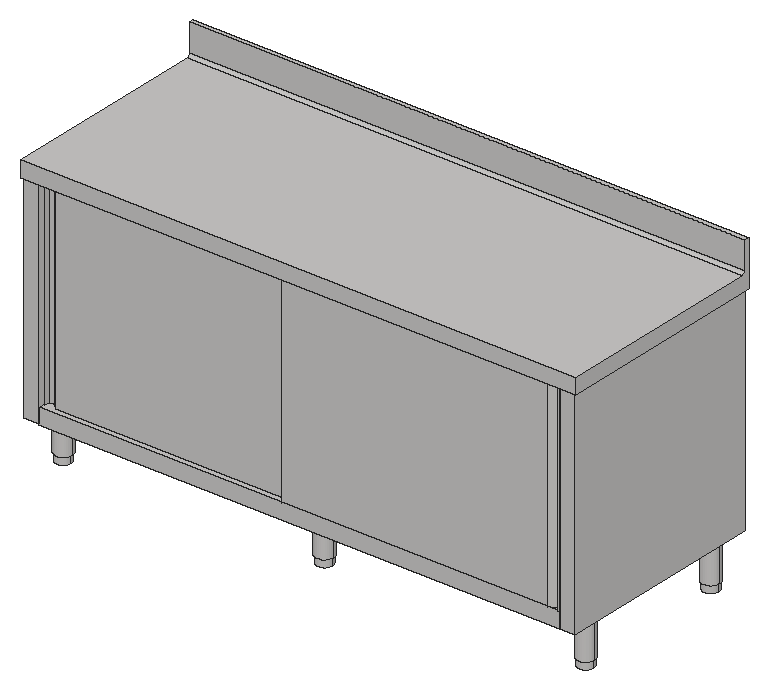
Revit family "QF_ZANUSSI_132866_MS1817N", category Attrezzature speciali, Revit 2020
Family settings
  Quota connettore circolare = Usa diametro
  Tipo di parte = Normale
  Basato su piano di lavoro = No
  Sempre verticale = Sì
  Taglio con vuoti quando caricato = No
  Condiviso = No
  Punto di calcolo locali = No
Parameters (values of type "Standard")
  Weight = 70.00 kg
  Watts = 0 W
  Volts = 0 V
  URL Manufacturer = "http://www.zanussiprofessional.com"
  URL = "http://www.zanussiprofessional.com"
  Steam Supply Size = 0 mm
  Steam Supply Minimum Pressure = 0.0 Pa
  Steam Supply Maximum Pressure = 0.0 Pa
  Steam Consumption per Hour = 0
  Refrigeration Suction Line Size = 0.0 mm
  Refrigeration Liquid Line Size = 0.0 mm
  Refrigerant Compressor Remote = yes
  Prospetto di default = 0.0 mm
  Produttore = "Zanussi"
  Phase = 0
  Modello = "MS1817N"
  Length Actual = 1800.0 mm  # constant formula
  Item Number = "132866"
  Hot Water Size = 0 mm
  Height Actual = 1000.0 mm  # constant formula
  HP = "0 HP"
  Gas Size = 0 mm
  Gas KW = 0
  Gas Input Pressure = 0 W
  Direct Waste Size = 0 mm
  Descrizione = "WORKTOP CUPBOARD WITH UPSTAND 1800MM"
  Depth Actual = 700.0 mm  # constant formula
  Cycle = 0 Hz
  Condensate Return Size = 0 mm
  Compressed Air Volume = 0.0 L/s
  Compressed Air Size = 0 mm
  Compressed Air Pressure = 0.0 Pa
  Cold Water Size = 0 mm
  Accessory = yes
Reference planes
  plane 1 "Center (Front/Back)": y = 0
  plane 2: z = 0
  plane 3 "Center (Left/Right)": x = -400
  plane 4 "LEFT": x = -1300
  plane 5 "RIGHT": x = 500
  plane 6 "BACK": y = 350
  plane 7 "FRONT": y = -350
  plane 8 "Base": z = 850
  plane 9 "TOP": z = 900
  plane 10: x = -1246.9
  plane 11: x = 446.9
  plane 12: y = 264.5
  plane 13: y = -241.9
  plane 14 "BodyLeft": x = -1294.5
  plane 15 "BodyFront": y = -344.5
  plane 16 "BodyRight": x = 494.5
  plane 17 "BodyBack": y = 344.5
  plane 18 "FEET": z = 150
  plane 19: x = -344.5
  plane 20: x = -455.5
Forms (mm)
  Extrusion 1, solid, material "QF_Finishes_Stainless Steel"
    sketch origin (-400, 0, 0) x (0, 1, 0) y (0, 0, 1)
      loop
        line (-350, 850) -> (350, 850) -> (350, 1000) -> (337, 1000) -> (337, 910)
        arc (337, 910) -> (334.071, 902.929) -> (327, 900) r 10
        line (327, 900) -> (-350, 900) -> (-350, 850)
    from 900 to -900
  Extrusion 2, solid, material "QF_Finishes_Stainless Steel"
    sketch origin (0, 0, 150) x (-1, 0, 0) y (0, -1, 0)
      loop
        line (1294.5, -344.5) -> (1294.5, 344.5) -> (1244.5, 344.5) -> (1244.5, -344.5) -> (1294.5, -344.5)
      loop
        line (-444.5, -344.5) -> (-444.5, 344.5) -> (-494.5, 344.5) -> (-494.5, -344.5) -> (-444.5, -344.5)
    from 0 to 700
  Extrusion 3, solid, material "QF_Finishes_Stainless Steel"
    sketch origin (0, 0, 150) x (-1, 0, 0) y (0, -1, 0)
      loop
        line (1243.585, -344.5) -> (1243.585, 344.5) -> (-444.5, 344.5) -> (-444.5, -344.5) -> (1243.585, -344.5)
    from 0 to 50
  Extrusion 4, solid, material "QF_Finishes_Stainless Steel"
    sketch origin (0, 0, 150) x (-1, 0, 0) y (0, -1, 0)
      loop
        line (1243.585, -344.5) -> (1243.585, -294.5) -> (-444.5, -294.5) -> (-444.5, -344.5) -> (1243.585, -344.5)
    from 50 to 700
  Extrusion 5, solid, material "QF_Finishes_Stainless Steel"
    sketch origin (0, 0, 150) x (-1, 0, 0) y (0, -1, 0)
      loop
        line (-444.5, 344.5) -> (-444.5, 324.5) -> (455.5, 324.5) -> (455.5, 344.5) -> (-404.5, 344.5) -> (-424.5, 329.5) -> (-439.5, 329.5) -> (-439.5, 344.5) -> (-444.5, 344.5)
    from 50 to 700
  Extrusion 6, solid, material "QF_Finishes_Stainless Steel"
    sketch origin (0, 20, 150) x (1, 0, 0) y (0, 1, 0)
      loop
        line (-1244.5, -344.5) -> (-1239.5, -344.5) -> (-1239.5, -329.5) -> (-1224.5, -329.5) -> (-1204.5, -344.5) -> (-344.5, -344.5) -> (-344.5, -324.5) -> (-1244.5, -324.5) -> (-1244.5, -344.5)
    from 50 to 700
Lines and regions (mm)
  symbolic lines
    curve 1: line (500, 350, 900) -> (-1300, 350, 900)
    curve 2: line (-1300, 350, 900) -> (-1300, -350, 900)
    curve 3: line (-1300, -350, 900) -> (500, -350, 900)
    curve 4: line (500, -350, 900) -> (500, 350, 900)
    curve 5: line (-1300, 337, 900) -> (500, 337, 900)
  symbolic lines, style "SpecialityEquipmentHiddenLines"
    curve 6: line (-1294.5, -344.5, 150) -> (-1294.5, 344.5, 150)
    curve 7: line (-1294.5, 344.5, 150) -> (494.5, 344.5, 150)
    curve 8: line (494.5, 344.5, 150) -> (494.5, -344.5, 150)
    curve 9: line (494.5, -344.5, 150) -> (-1294.5, -344.5, 150)
    curve 10: line (-1244.5, -304.5, 150) -> (-344.5, -304.5, 150)
    curve 11: line (-344.5, -304.5, 150) -> (-344.5, -324.5, 150)
    curve 12: line (444.5, -324.5, 150) -> (-1244.5, -324.5, 150)
    curve 13: line (-1244.5, -324.5, 150) -> (-1244.5, -304.5, 150)
    curve 14: line (-455.5, -344.5, 150) -> (-455.5, -324.5, 150)
Dimensions and locks
  plane 4 "LEFT" to plane 5 "RIGHT" = 1800.0 mm
  equal spacing: plane 4 "LEFT", plane 3 "Center (Left/Right)", plane 5 "RIGHT"
  locked: plane 8 "Base" to level at 850
  locked: Extrusion 1 to level at 1000
  plane 9 "TOP" to level = 900.0 mm
  plane 6 "BACK" to plane 7 "FRONT" = 700.0 mm
  equal spacing: plane 6 "BACK", plane 1 "Center (Front/Back)", plane 7 "FRONT"
  locked: plane 4 "LEFT" to plane 14 "BodyLeft" at 5.5
  locked: plane 16 "BodyRight" to plane 5 "RIGHT" at 5.5
  locked: plane 15 "BodyFront" to plane 7 "FRONT" at 5.5
  locked: plane 6 "BACK" to plane 17 "BodyBack" at 5.5
  locked: plane 14 "BodyLeft" to plane 10 at 47.6
  locked: plane 11 to plane 16 "BodyRight" at 47.6
  locked: plane 13 to plane 15 "BodyFront" at 102.6
  locked: plane 17 "BodyBack" to plane 12 at 80
  plane 10 to plane 11 = 1693.8 mm
  plane 12 to plane 13 = 506.4 mm
  locked: plane 14 "BodyLeft" to Extrusion 2 sketch curve at 50
  locked: Extrusion 2 sketch curve to Extrusion 2 sketch curve at 50
  Extrusion 3 to Extrusion 4 sketch curve = 50.0 mm
  Extrusion 2 to plane 19 = 900.0 mm
  plane 20 to Extrusion 2 = 900.0 mm
  locked: plane 18 "FEET" to level at 150
  aligned and locked: level to plane 2
  aligned and locked: plane 10 to nested 1
  aligned and locked: nested 1 to plane 13
  aligned and locked: plane 11 to nested 2
  aligned and locked: nested 2 to plane 13
  aligned and locked: plane 11 to nested 4
  aligned and locked: nested 4 to plane 12
  aligned and locked: plane 10 to nested 3
  aligned and locked: nested 3 to plane 12
  aligned and locked: Extrusion 1 to plane 4 "LEFT"
  aligned and locked: plane 5 "RIGHT" to Extrusion 1
  aligned and locked: curve 2 to plane 4 "LEFT"
  aligned and locked: plane 17 "BodyBack" to Extrusion 2 sketch curve
  aligned and locked: Extrusion 2 sketch curve to plane 15 "BodyFront"
  aligned and locked: Extrusion 2 sketch curve to plane 14 "BodyLeft"
  aligned and locked: plane 16 "BodyRight" to Extrusion 2 sketch curve
  aligned and locked: Extrusion 2 sketch curve to plane 17 "BodyBack"
  aligned and locked: plane 15 "BodyFront" to Extrusion 2 sketch curve
  aligned and locked: Extrusion 3 sketch curve to plane 17 "BodyBack"
  aligned and locked: plane 15 "BodyFront" to Extrusion 3 sketch curve
  aligned and locked: plane 8 "Base" to Extrusion 2
  aligned and locked: plane 8 "Base" to Extrusion 5
  aligned and locked: Extrusion 5 to Extrusion 3
  aligned and locked: Extrusion 6 sketch curve to plane 19
  aligned and locked: Extrusion 5 sketch curve to plane 20
  aligned and locked: curve 7 to plane 17 "BodyBack"
  aligned and locked: Extrusion 2 to plane 14 "BodyLeft"
  aligned and locked: plane 16 "BodyRight" to curve 8
  aligned and locked: plane 15 "BodyFront" to curve 9
  aligned and locked: plane 3 "Center (Left/Right)" to nested 5
  aligned and locked: plane 3 "Center (Left/Right)" to nested 6
Automatic sketch dimensions
  curve 3 to plane 7 "FRONT" = 0.0 mm
  curve 5 to plane 5 "RIGHT" = 0.0 mm
  curve 4 to plane 6 "BACK" = 0.0 mm
  curve 5 to plane 17 "BodyBack" = 7.5 mm
  Extrusion 1 sketch curve to plane 7 "FRONT" = 0.0 mm
  Extrusion 1 sketch curve to plane 9 "TOP" = 0.0 mm
  Extrusion 1 sketch curve to plane 6 "BACK" = 0.0 mm
  Extrusion 1 sketch curve to plane 8 "Base" = 0.0 mm
  Extrusion 1 sketch curve to plane 17 "BodyBack" = 17.5 mm
  Extrusion 1 sketch curve to plane 17 "BodyBack" = 7.5 mm
  Extrusion 1 sketch curve to Extrusion 1 sketch curve = 90.0 mm
  Extrusion 5 sketch curve to plane 15 "BodyFront" = 0.0 mm  (x2)
  Extrusion 5 sketch curve to plane 11 = 2.4 mm
  Extrusion 5 sketch curve to Extrusion 5 sketch curve = 5.0 mm
  Extrusion 5 sketch curve to Extrusion 5 sketch curve = 15.0 mm
  Extrusion 5 sketch curve to Extrusion 5 sketch curve = 20.0 mm
  plane 15 "BodyFront" to Extrusion 5 sketch curve = 15.0 mm
  plane 15 "BodyFront" to Extrusion 5 sketch curve = 20.0 mm
  Extrusion 6 sketch curve to plane 15 "BodyFront" = 20.0 mm  (x2)
  Extrusion 6 sketch curve to plane 10 = 2.4 mm
  Extrusion 6 sketch curve to Extrusion 6 sketch curve = 5.0 mm
  Extrusion 6 sketch curve to Extrusion 6 sketch curve = 15.0 mm
  Extrusion 6 sketch curve to Extrusion 6 sketch curve = 20.0 mm  (x2)
  Extrusion 6 sketch curve to plane 15 "BodyFront" = 35.0 mm
  Extrusion 3 sketch curve to plane 11 = 2.4 mm
  plane 10 to Extrusion 3 sketch curve = 3.315 mm
  Extrusion 4 sketch curve to plane 11 = 2.4 mm
  plane 10 to Extrusion 4 sketch curve = 3.315 mm
  curve 10 to plane 19 = 0.0 mm
  curve 14 to plane 20 = 0.0 mm
  curve 7 to plane 14 "BodyLeft" = 0.0 mm
  plane 10 to curve 13 = 2.4 mm
  curve 10 to curve 13 = 20.0 mm
  curve 12 to plane 11 = 2.4 mm
  plane 15 "BodyFront" to curve 14 = 20.0 mm
Nested families
  nested 1: "FEET_D58-150" at (-1246.9, -241.9, 0), type "FEET_D58-150"
  nested 2: "FEET_D58-150" at (446.9, -241.9, 0), type "FEET_D58-150"
  nested 3: "FEET_D58-150" at (-1246.9, 264.5, 0), type "FEET_D58-150"
  nested 4: "FEET_D58-150" at (446.9, 264.5, 0), type "FEET_D58-150"
  nested 5: "FEET_D58-150" at (-400, -241.9, 0), type "FEET_D58-150"
  nested 6: "FEET_D58-150" at (-400, 264.5, 0), type "FEET_D58-150"
Definition of nested family "FEET_D58-150"
  Parameters
    Default Elevation = 0.0 mm
    FEET = 150.0 mm
  Reference planes
    plane 1 "Center (Front/Back)": y = 0
    plane 2: z = 0
    plane 3 "Center (Left/Right)": x = 0
    plane 4: z = 150
  Forms (mm)
    Extrusion 1, solid
      sketch origin (0, 0, 0) x (1, 0, 0) y (0, 1, 0)
        loop
          circle (0, 0) r 25
      from 0 to 25
    Extrusion 2, solid
      sketch origin (0, 0, 0) x (1, 0, 0) y (0, 1, 0)
        loop
          circle (0.061, 0) r 29
      from 25 to 150 <- "FEET"
  Lines and regions (mm)
    symbolic lines
      curve 1: line (0, -1.503, 0) -> (0, 1.508, 0)
      curve 2: line (1.561, 0, 0) -> (-1.439, 0, 0)
  Dimensions and locks
    "FEET": plane 4 to plane 2
    aligned and locked: level to plane 2
  Automatic sketch dimensions
    plane 1 "Center (Front/Back)" to Extrusion 1 sketch curve = 0.0 mm
    Extrusion 1 sketch curve to plane 3 "Center (Left/Right)" = 0.0 mm
    plane 1 "Center (Front/Back)" to curve 2 = 0.0 mm
    curve 1 to plane 3 "Center (Left/Right)" = 0.0 mm
    curve 2 to plane 3 "Center (Left/Right)" = 1.439 mm
    plane 3 "Center (Left/Right)" to curve 2 = 1.561 mm
    plane 1 "Center (Front/Back)" to curve 1 = 1.503 mm
    curve 1 to plane 1 "Center (Front/Back)" = 1.508 mm
    plane 1 "Center (Front/Back)" to Extrusion 2 sketch curve = 0.0 mm
    plane 3 "Center (Left/Right)" to Extrusion 2 sketch curve = 0.061 mm
    radius of Extrusion 1 sketch curve = 25.0 mm
    radius of Extrusion 2 sketch curve = 29.0 mm
